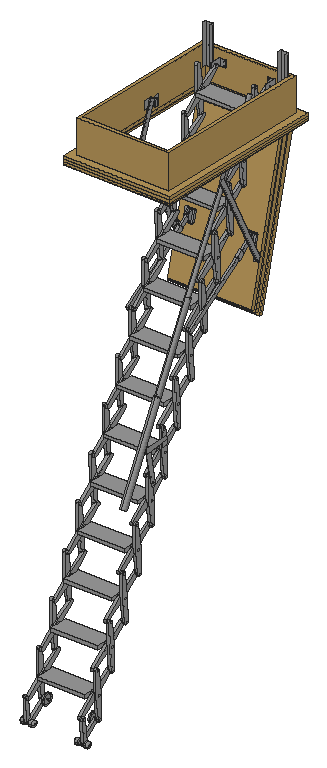
Revit family "schaartrap_Large Ei-60-H 700x1200mm", category Generic Models, Revit 2019 (continued)
Automatic sketch dimensions
  Extrusion 45 sketch curve to Extrusion 45 sketch curve = 17.501 mm
  Extrusion 45 sketch curve to Extrusion 45 sketch curve = 0.915 mm  (x2)
  Extrusion 45 sketch curve to Extrusion 45 sketch curve = 3.097 mm  (x2)
  Extrusion 45 sketch curve to Extrusion 45 sketch curve = 7.597 mm
  Extrusion 45 sketch curve to Extrusion 45 sketch curve = 4.239 mm
  Extrusion 45 sketch curve to Extrusion 45 sketch curve = 0 mm  (x5)
  Extrusion 45 sketch curve to Extrusion 45 sketch curve = 13.985 mm
  Extrusion 28 sketch curve to Extrusion 28 sketch curve = 28.302 mm
  Extrusion 28 sketch curve to Extrusion 28 sketch curve = 19.126 mm
  Extrusion 28 sketch curve to Extrusion 28 sketch curve = 6.633 mm  (x2)
  Extrusion 28 sketch curve to Extrusion 28 sketch curve = 220.759 mm
  Extrusion 28 sketch curve to Extrusion 28 sketch curve = 7.548 mm  (x3)
  Extrusion 28 sketch curve to Extrusion 28 sketch curve = 13.207 mm
  Extrusion 28 sketch curve to Extrusion 28 sketch curve = 7.538 mm
  Extrusion 28 sketch curve to Extrusion 28 sketch curve = 10.201 mm
  Extrusion 28 sketch curve to Extrusion 28 sketch curve = 46.912 mm
  Extrusion 28 sketch curve to Extrusion 28 sketch curve = 18.868 mm  (x2)
  Extrusion 28 sketch curve to Extrusion 28 sketch curve = 4.952 mm  (x2)
  Extrusion 28 sketch curve to Extrusion 28 sketch curve = 10.191 mm
  Extrusion 28 sketch curve to Extrusion 28 sketch curve = 1.745 mm
  Extrusion 28 sketch curve to Extrusion 28 sketch curve = 0 mm  (x5)
  Extrusion 28 sketch curve to Extrusion 28 sketch curve = 4.643 mm
  Extrusion 32 sketch curve to Extrusion 32 sketch curve = 28.302 mm
  Extrusion 32 sketch curve to Extrusion 32 sketch curve = 19.126 mm
  Extrusion 32 sketch curve to Extrusion 32 sketch curve = 6.633 mm  (x2)
  Extrusion 32 sketch curve to Extrusion 32 sketch curve = 220.759 mm
  Extrusion 32 sketch curve to Extrusion 32 sketch curve = 7.548 mm  (x3)
  Extrusion 32 sketch curve to Extrusion 32 sketch curve = 13.207 mm
  Extrusion 32 sketch curve to Extrusion 32 sketch curve = 7.538 mm
  Extrusion 32 sketch curve to Extrusion 32 sketch curve = 10.201 mm
  Extrusion 32 sketch curve to Extrusion 32 sketch curve = 46.912 mm
  Extrusion 32 sketch curve to Extrusion 32 sketch curve = 18.868 mm  (x2)
  Extrusion 32 sketch curve to Extrusion 32 sketch curve = 4.952 mm  (x2)
  Extrusion 32 sketch curve to Extrusion 32 sketch curve = 10.191 mm
  Extrusion 32 sketch curve to Extrusion 32 sketch curve = 1.745 mm
  Extrusion 32 sketch curve to Extrusion 32 sketch curve = 0 mm  (x5)
  Extrusion 32 sketch curve to Extrusion 32 sketch curve = 4.643 mm
  Extrusion 80 sketch curve to Extrusion 80 sketch curve = 1.639 mm
  Extrusion 80 sketch curve to Extrusion 80 sketch curve = 2.829 mm  (x2)
  Extrusion 80 sketch curve to Extrusion 80 sketch curve = 8.863 mm  (x2)
  Extrusion 80 sketch curve to Extrusion 80 sketch curve = 13.994 mm
  Extrusion 80 sketch curve to Extrusion 80 sketch curve = 24.413 mm  (x2)
  Extrusion 80 sketch curve to Extrusion 80 sketch curve = 30.489 mm  (x2)
  Extrusion 80 sketch curve to Extrusion 80 sketch curve = 2.442 mm  (x2)
  Extrusion 80 sketch curve to Extrusion 80 sketch curve = 4.005 mm  (x2)
  Extrusion 80 sketch curve to Extrusion 80 sketch curve = 26.158 mm  (x2)
  Extrusion 81 sketch curve to Extrusion 81 sketch curve = 18.036 mm  (x4)
  Extrusion 81 sketch curve to Extrusion 81 sketch curve = 202.186 mm  (x2)
  Extrusion 81 sketch curve to Extrusion 81 sketch curve = 10.634 mm  (x4)
  Extrusion 81 sketch curve to Extrusion 81 sketch curve = 8.832 mm  (x2)
  Extrusion 81 sketch curve to Extrusion 81 sketch curve = 690.836 mm  (x2)
  Extrusion 81 sketch curve to Extrusion 81 sketch curve = 7.598 mm  (x2)
  Extrusion 84 sketch curve to Extrusion 84 sketch curve = 18.541 mm
  Extrusion 84 sketch curve to Extrusion 84 sketch curve = 27.816 mm
  Extrusion 84 sketch curve to Extrusion 84 sketch curve = 8.56 mm
  Extrusion 84 sketch curve to Extrusion 84 sketch curve = 2.065 mm
  Extrusion 84 sketch curve to Extrusion 84 sketch curve = 4.982 mm
  Extrusion 84 sketch curve to Extrusion 84 sketch curve = 33.995 mm
  Extrusion 84 sketch curve to Extrusion 84 sketch curve = 0.563 mm
  Extrusion 84 sketch curve to Extrusion 84 sketch curve = 3.344 mm
  Extrusion 84 sketch curve to Extrusion 84 sketch curve = 22.506 mm
  Extrusion 85 sketch curve to Extrusion 85 sketch curve = 19.526 mm  (x2)
  Extrusion 85 sketch curve to Extrusion 85 sketch curve = 4.724 mm  (x2)
  Extrusion 85 sketch curve to Extrusion 85 sketch curve = 420.846 mm
  Extrusion 85 sketch curve to Extrusion 85 sketch curve = 17.662 mm
  Extrusion 85 sketch curve to Extrusion 85 sketch curve = 584.326 mm
  Extrusion 85 sketch curve to Extrusion 85 sketch curve = 1.331 mm
  plane 27 "traplijn" to Extrusion 4 sketch curve = 0 mm  (x2)
  Extrusion 4 sketch curve to plane 27 "traplijn" = 0 mm  (x11)
  Extrusion 4 sketch curve to Extrusion 4 sketch curve = 0.221 mm  (x12)
  plane 24 "bk. omtimmering" to Extrusion 4 sketch curve = 28.107 mm
  plane 24 "bk. omtimmering" to Extrusion 4 sketch curve = 52.106 mm
  Extrusion 4 sketch curve to plane 13 = 130.195 mm
  Extrusion 4 sketch curve to Extrusion 4 sketch curve = 136.994 mm  (x9)
  Extrusion 4 sketch curve to Extrusion 4 sketch curve = 123.59 mm  (x2)
  Extrusion 4 sketch curve to plane 1 "Center (Front/Back)" = 212.152 mm
  Extrusion 4 sketch curve to plane 1 "Center (Front/Back)" = 75.158 mm
  Extrusion 4 sketch curve to Extrusion 4 sketch curve = 1.261 mm  (x11)
  Sweep 14 sketch curve to plane 16 = 165.788 mm
  Sweep 14 sketch curve to Sweep 14 sketch curve = 257.672 mm
  Sweep 14 sketch curve to Sweep 14 sketch curve = 643.315 mm
  Sweep 14 sketch curve to profile plane = 0 mm  (x2)
  Sweep 15 sketch curve to plane 16 = 236.094 mm
  Sweep 15 sketch curve to Sweep 15 sketch curve = 227.82 mm
  Sweep 15 sketch curve to Sweep 15 sketch curve = 568.784 mm
  Sweep 15 sketch curve to profile plane = 0 mm  (x2)
  Sweep 16 sketch curve to plane 16 = 298.254 mm
  Sweep 16 sketch curve to Sweep 16 sketch curve = 257.313 mm
  Sweep 16 sketch curve to Sweep 16 sketch curve = 642.419 mm
  Sweep 16 sketch curve to profile plane = 0 mm  (x2)
  Sweep 17 sketch curve to plane 16 = 368.461 mm
  Sweep 17 sketch curve to Sweep 17 sketch curve = 208.22 mm
  Sweep 17 sketch curve to Sweep 17 sketch curve = 519.85 mm
  Sweep 17 sketch curve to profile plane = 0 mm  (x2)
  Extrusion 18 sketch curve to plane 16 = 168.038 mm
  Extrusion 18 sketch curve to Extrusion 18 sketch curve = 19.372 mm  (x2)
  Extrusion 18 sketch curve to Extrusion 18 sketch curve = 9.746 mm  (x2)
  Extrusion 18 sketch curve to Extrusion 18 sketch curve = 43.196 mm
  Extrusion 18 sketch curve to Extrusion 18 sketch curve = 15.803 mm  (x2)
  Extrusion 18 sketch curve to Extrusion 18 sketch curve = 213.535 mm
  Extrusion 19 sketch curve to plane 16 = 171.651 mm
  Extrusion 19 sketch curve to Extrusion 19 sketch curve = 3.617 mm  (x2)
  Extrusion 19 sketch curve to Extrusion 19 sketch curve = 23.983 mm  (x2)
  Extrusion 19 sketch curve to Extrusion 19 sketch curve = 123.59 mm
  Extrusion 19 sketch curve to Extrusion 19 sketch curve = 8.506 mm
  Extrusion 19 sketch curve to Extrusion 19 sketch curve = 11.758 mm  (x2)
  Extrusion 20 sketch curve to plane 16 = 71.983 mm
  Extrusion 20 sketch curve to Extrusion 20 sketch curve = 11.69 mm
  Extrusion 20 sketch curve to Extrusion 20 sketch curve = 18.023 mm
  Extrusion 20 sketch curve to Extrusion 20 sketch curve = 11.758 mm  (x2)
  Extrusion 20 sketch curve to Extrusion 20 sketch curve = 29.781 mm
  Extrusion 20 sketch curve to Extrusion 20 sketch curve = 23.983 mm  (x2)
  Extrusion 20 sketch curve to Extrusion 20 sketch curve = 44.672 mm
  Extrusion 36 sketch curve to plane 19 = 39 mm
  Extrusion 36 sketch curve to Extrusion 36 sketch curve = 60 mm
  Extrusion 36 sketch curve to plane 19 = 4.5 mm
  Extrusion 49 sketch curve to plane 1 "Center (Front/Back)" = 20 mm
  level to Extrusion 49 sketch curve = 20 mm
  Extrusion 50 sketch curve to plane 1 "Center (Front/Back)" = 20 mm
  level to Extrusion 50 sketch curve = 20 mm
  Sweep 51 sketch curve to Sweep 51 sketch curve = 0 mm  (x2)
  Sweep 51 sketch curve to plane 1 "Center (Front/Back)" = 0 mm
  Sweep 51 sketch curve to Sweep 51 sketch curve = 20 mm
  level to Sweep 51 sketch curve = 20 mm
  Sweep 51 sketch curve to profile plane = 0 mm  (x2)
  Sweep 51 sketch curve to profile plane = 7.976 mm
  Sweep 51 sketch curve to Sweep 51 sketch curve = 2.281 mm
  Extrusion 53 sketch curve to plane 22 = 39 mm
  Extrusion 53 sketch curve to Extrusion 53 sketch curve = 60 mm
  Extrusion 53 sketch curve to plane 22 = 4.5 mm
  Sweep 57 sketch curve to Sweep 57 sketch curve = 0 mm  (x2)
  Sweep 57 sketch curve to plane 1 "Center (Front/Back)" = 0 mm
  Sweep 57 sketch curve to Sweep 57 sketch curve = 20 mm
  level to Sweep 57 sketch curve = 20 mm
  profile plane to Sweep 57 sketch curve = 0 mm
  Sweep 57 sketch curve to profile plane = 0 mm
  profile plane to Sweep 57 sketch curve = 7.976 mm
  Sweep 57 sketch curve to Sweep 57 sketch curve = 2.281 mm
  Sweep 58 sketch curve to Sweep 58 sketch curve = 0 mm  (x2)
  Sweep 58 sketch curve to plane 1 "Center (Front/Back)" = 0 mm
  Sweep 58 sketch curve to Sweep 58 sketch curve = 20 mm
  level to Sweep 58 sketch curve = 20 mm
  profile plane to Sweep 58 sketch curve = 0 mm
  Sweep 58 sketch curve to profile plane = 0 mm
  profile plane to Sweep 58 sketch curve = 7.976 mm
  Sweep 58 sketch curve to Sweep 58 sketch curve = 2.281 mm
  Sweep 59 sketch curve to Sweep 59 sketch curve = 0 mm  (x2)
  Sweep 59 sketch curve to plane 1 "Center (Front/Back)" = 0 mm
  Sweep 59 sketch curve to Sweep 59 sketch curve = 20 mm
  level to Sweep 59 sketch curve = 20 mm
  Sweep 59 sketch curve to profile plane = 0 mm  (x2)
  Sweep 59 sketch curve to profile plane = 7.976 mm
  Sweep 59 sketch curve to Sweep 59 sketch curve = 2.281 mm
  Extrusion 60 sketch curve to plane 1 "Center (Front/Back)" = 20 mm
  level to Extrusion 60 sketch curve = 20 mm
  Extrusion 61 sketch curve to plane 1 "Center (Front/Back)" = 20 mm
  level to Extrusion 61 sketch curve = 20 mm
  Sweep 62 sketch curve to plane 11 = 0 mm
  Sweep 62 sketch curve to plane 10 = 0 mm
  Sweep 62 sketch curve to profile plane = 0 mm  (x2)
  Sweep 62 sketch curve to Sweep 62 sketch curve = 24 mm
  Sweep 62 sketch curve to profile plane = 249.999 mm
  Extrusion 63 sketch curve to Extrusion 63 sketch curve = 5 mm
  Extrusion 63 sketch curve to Extrusion 63 sketch curve = 13.998 mm
  Extrusion 63 sketch curve to Extrusion 63 sketch curve = 6.458 mm  (x2)
  Extrusion 63 sketch curve to Extrusion 63 sketch curve = 0 mm  (x12)
  plane 28 "Center L/U" to Extrusion 63 sketch curve = 7.535 mm
  Extrusion 63 sketch curve to plane 28 "Center L/U" = 12.465 mm
  Extrusion 63 sketch curve to Extrusion 63 sketch curve = 20 mm  (x12)
  Extrusion 63 sketch curve to Extrusion 63 sketch curve = 6.002 mm  (x2)
  Extrusion 64 sketch curve to plane 8 = 0 mm
  plane 8 to Extrusion 64 sketch curve = 4 mm
  plane 5 to Extrusion 64 sketch curve = 25 mm
  Extrusion 64 sketch curve to Extrusion 64 sketch curve = 75.409 mm
  Extrusion 64 sketch curve to Extrusion 64 sketch curve = 4 mm
  Extrusion 65 sketch curve to plane 28 "Center L/U" = 91.209 mm
  Extrusion 65 sketch curve to Extrusion 65 sketch curve = 5.05 mm
  Extrusion 66 sketch curve to plane 28 "Center L/U" = 91.209 mm
  Extrusion 66 sketch curve to Extrusion 66 sketch curve = 5.05 mm
  Extrusion 67 sketch curve to plane 6 = 0 mm
  plane 6 to Extrusion 67 sketch curve = 4 mm
  Extrusion 67 sketch curve to plane 4 = 25 mm
  Extrusion 67 sketch curve to Extrusion 67 sketch curve = 4 mm
  Extrusion 68 sketch curve to Extrusion 68 sketch curve = 0 mm  (x8)
  Extrusion 68 sketch curve to plane 19 = 2.5 mm
  Extrusion 68 sketch curve to Extrusion 68 sketch curve = 2 mm
  Extrusion 68 sketch curve to Extrusion 68 sketch curve = 1.001 mm
  plane 9 to Extrusion 68 sketch curve = 32.5 mm
  Extrusion 68 sketch curve to Extrusion 68 sketch curve = 1 mm
  Extrusion 68 sketch curve to Extrusion 68 sketch curve = 26.999 mm
  Extrusion 69 sketch curve to Extrusion 69 sketch curve = 5 mm
  Extrusion 69 sketch curve to Extrusion 69 sketch curve = 13.998 mm
  Extrusion 69 sketch curve to Extrusion 69 sketch curve = 6.458 mm  (x2)
  Extrusion 69 sketch curve to Extrusion 69 sketch curve = 0 mm  (x12)
  plane 28 "Center L/U" to Extrusion 69 sketch curve = 7.535 mm
  Extrusion 69 sketch curve to Extrusion 69 sketch curve = 20 mm  (x12)
  Extrusion 69 sketch curve to plane 28 "Center L/U" = 12.465 mm
  Extrusion 69 sketch curve to Extrusion 69 sketch curve = 6.002 mm  (x2)
  Extrusion 70 sketch curve to Extrusion 70 sketch curve = 0 mm  (x6)
  Extrusion 70 sketch curve to plane 22 = 2.5 mm
  Extrusion 70 sketch curve to Extrusion 70 sketch curve = 2 mm
  Extrusion 70 sketch curve to Extrusion 70 sketch curve = 1.001 mm
  plane 7 to Extrusion 70 sketch curve = 32.5 mm
  Extrusion 70 sketch curve to Extrusion 70 sketch curve = 1 mm
  Extrusion 70 sketch curve to Extrusion 70 sketch curve = 27 mm
  Extrusion 70 sketch curve to Extrusion 70 sketch curve = 26.999 mm
  Extrusion 71 sketch curve to plane 26 = 0 mm
  Extrusion 71 sketch curve to plane 25 = 0 mm
  plane 19 to Extrusion 71 sketch curve = 6.5 mm
  plane 22 to Extrusion 71 sketch curve = 6.5 mm
  Extrusion 72 sketch curve to plane 26 = 0 mm
  Extrusion 72 sketch curve to plane 25 = 0 mm
  plane 18 to Extrusion 72 sketch curve = 6.5 mm
  plane 21 to Extrusion 72 sketch curve = 6.5 mm
  Extrusion 73 sketch curve to plane 26 = 0 mm
  Extrusion 73 sketch curve to plane 25 = 0 mm
  Extrusion 73 sketch curve to plane 11 = 6 mm
  plane 10 to Extrusion 73 sketch curve = 6 mm
  Sweep 74 sketch curve to plane 26 = 0 mm
  Sweep 74 sketch curve to plane 25 = 0 mm
  Sweep 74 sketch curve to profile plane = 0 mm
  profile plane to Sweep 74 sketch curve = 10 mm
  Sweep 74 sketch curve to profile plane = 320 mm
  Sweep 74 sketch curve to Sweep 74 sketch curve = 10 mm
  plane 16 to Extrusion 75 sketch curve = 297.866 mm
  Extrusion 75 sketch curve to Extrusion 75 sketch curve = 26.097 mm
  Extrusion 75 sketch curve to Extrusion 75 sketch curve = 205.252 mm
  Extrusion 75 sketch curve to Extrusion 75 sketch curve = 4.602 mm
  plane 16 to Extrusion 76 sketch curve = 272.617 mm
  Extrusion 76 sketch curve to Extrusion 76 sketch curve = 21.173 mm
  Extrusion 76 sketch curve to Extrusion 76 sketch curve = 200.043 mm
  Extrusion 76 sketch curve to Extrusion 76 sketch curve = 3.733 mm
  plane 16 to Extrusion 77 sketch curve = 246.895 mm
  Extrusion 77 sketch curve to Extrusion 77 sketch curve = 21.666 mm
  Extrusion 77 sketch curve to Extrusion 77 sketch curve = 194.833 mm
  Extrusion 77 sketch curve to Extrusion 77 sketch curve = 3.82 mm
  plane 8 to Extrusion 78 sketch curve = 2.671 mm  (x2)
  Extrusion 78 sketch curve to plane 8 = 7.329 mm
  Extrusion 78 sketch curve to Extrusion 78 sketch curve = 10 mm  (x2)
  Extrusion 78 sketch curve to Extrusion 78 sketch curve = 73.395 mm
  plane 9 to Extrusion 78 sketch curve = 33.671 mm
  plane 6 to Extrusion 79 sketch curve = 2.671 mm  (x2)
  Extrusion 79 sketch curve to plane 6 = 7.329 mm
  Extrusion 79 sketch curve to Extrusion 79 sketch curve = 10 mm  (x2)
  Extrusion 79 sketch curve to Extrusion 79 sketch curve = 73.395 mm
  plane 7 to Extrusion 79 sketch curve = 33.671 mm
  Extrusion 86 sketch curve to plane 28 "Center L/U" = 99.475 mm
  Extrusion 86 sketch curve to Extrusion 86 sketch curve = 80.922 mm
  Extrusion 86 sketch curve to Extrusion 86 sketch curve = 13.25 mm
  Extrusion 87 sketch curve to Extrusion 87 sketch curve = 0 mm  (x6)
  Extrusion 87 sketch curve to plane 24 "bk. omtimmering" = 24.966 mm
  plane 29 to Extrusion 87 sketch curve = 96.701 mm
  Extrusion 87 sketch curve to Extrusion 87 sketch curve = 40.406 mm
  Extrusion 87 sketch curve to Extrusion 87 sketch curve = 54.896 mm
  Extrusion 87 sketch curve to plane 13 = 583.323 mm
  Extrusion 87 sketch curve to Extrusion 87 sketch curve = 33.401 mm
  plane 29 to Extrusion 87 sketch curve = 85.069 mm
  Extrusion 87 sketch curve to Extrusion 87 sketch curve = 7.609 mm
  Extrusion 87 sketch curve to Extrusion 87 sketch curve = 3.25 mm  (x4)
  Extrusion 87 sketch curve to Extrusion 87 sketch curve = 3.985 mm  (x2)
  Extrusion 87 sketch curve to Extrusion 87 sketch curve = 0.349 mm
  plane 29 to Extrusion 88 sketch curve = 102.724 mm
  Extrusion 88 sketch curve to Extrusion 88 sketch curve = 22.683 mm
  Extrusion 88 sketch curve to Extrusion 88 sketch curve = 0.38 mm
  Extrusion 88 sketch curve to Extrusion 88 sketch curve = 184.799 mm
  Extrusion 88 sketch curve to Extrusion 88 sketch curve = 0.01 mm
  Extrusion 88 sketch curve to Extrusion 88 sketch curve = 22.741 mm
  Extrusion 88 sketch curve to Extrusion 88 sketch curve = 3.805 mm
  Extrusion 88 sketch curve to Extrusion 88 sketch curve = 214.587 mm
  Extrusion 88 sketch curve to Extrusion 88 sketch curve = 3.445 mm
  plane 22 to Extrusion 89 sketch curve = 6.5 mm
  plane 22 to Extrusion 89 sketch curve = 2.5 mm  (x2)
  Extrusion 89 sketch curve to plane 22 = 1.5 mm
  Extrusion 89 sketch curve to Extrusion 89 sketch curve = 6 mm
  Extrusion 89 sketch curve to Extrusion 89 sketch curve = 2 mm
  Extrusion 89 sketch curve to Extrusion 89 sketch curve = 1.962 mm  (x2)
  Extrusion 89 sketch curve to Extrusion 89 sketch curve = 30.092 mm
  Extrusion 89 sketch curve to Extrusion 89 sketch curve = 4 mm
  Extrusion 89 sketch curve to Extrusion 89 sketch curve = 11 mm
  Extrusion 89 sketch curve to Extrusion 89 sketch curve = 2.038 mm
  plane 29 to Extrusion 90 sketch curve = 80 mm
  Extrusion 90 sketch curve to Extrusion 90 sketch curve = 6.03 mm  (x2)
  plane 29 to Extrusion 90 sketch curve = 50 mm
  Extrusion 90 sketch curve to Extrusion 90 sketch curve = 62.791 mm
  Extrusion 90 sketch curve to Extrusion 90 sketch curve = 60 mm
  plane 29 to Extrusion 91 sketch curve = 91.689 mm
  Extrusion 91 sketch curve to Extrusion 91 sketch curve = 13 mm
  Extrusion 91 sketch curve to Extrusion 91 sketch curve = 9.213 mm
  Extrusion 91 sketch curve to Extrusion 91 sketch curve = 253.12 mm
  Extrusion 91 sketch curve to Extrusion 91 sketch curve = 8.877 mm
  Extrusion 91 sketch curve to Extrusion 91 sketch curve = 22.306 mm
  Extrusion 91 sketch curve to Extrusion 91 sketch curve = 115.437 mm
  Extrusion 91 sketch curve to Extrusion 91 sketch curve = 5.609 mm
  Extrusion 91 sketch curve to Extrusion 91 sketch curve = 5.967 mm
  plane 29 to Extrusion 92 sketch curve = 42.654 mm
  Extrusion 92 sketch curve to Extrusion 92 sketch curve = 6.416 mm
  Extrusion 92 sketch curve to Extrusion 92 sketch curve = 4.197 mm
  Extrusion 92 sketch curve to Extrusion 92 sketch curve = 28.927 mm
  Extrusion 92 sketch curve to Extrusion 92 sketch curve = 35.586 mm
  Extrusion 92 sketch curve to Extrusion 92 sketch curve = 30.218 mm
  Extrusion 92 sketch curve to Extrusion 92 sketch curve = 4.455 mm
  Extrusion 92 sketch curve to Extrusion 92 sketch curve = 10.529 mm
  Extrusion 92 sketch curve to Extrusion 92 sketch curve = 20.883 mm
  plane 19 to Extrusion 93 sketch curve = 6.5 mm
  plane 19 to Extrusion 93 sketch curve = 2.5 mm  (x2)
  Extrusion 93 sketch curve to plane 19 = 1.5 mm
  Extrusion 93 sketch curve to Extrusion 93 sketch curve = 6 mm
  Extrusion 93 sketch curve to Extrusion 93 sketch curve = 2 mm
  Extrusion 93 sketch curve to Extrusion 93 sketch curve = 1.962 mm  (x2)
  Extrusion 93 sketch curve to Extrusion 93 sketch curve = 2.038 mm  (x2)
  Extrusion 93 sketch curve to Extrusion 93 sketch curve = 11 mm
  Extrusion 93 sketch curve to Extrusion 93 sketch curve = 30.092 mm
  plane 29 to Extrusion 94 sketch curve = 80 mm
  Extrusion 94 sketch curve to Extrusion 94 sketch curve = 6.03 mm  (x2)
  plane 29 to Extrusion 94 sketch curve = 50 mm
  Extrusion 94 sketch curve to Extrusion 94 sketch curve = 62.791 mm
  Extrusion 94 sketch curve to Extrusion 94 sketch curve = 60 mm
  plane 29 to Extrusion 95 sketch curve = 42.654 mm
  Extrusion 95 sketch curve to Extrusion 95 sketch curve = 6.416 mm
  Extrusion 95 sketch curve to Extrusion 95 sketch curve = 4.197 mm
  Extrusion 95 sketch curve to Extrusion 95 sketch curve = 28.927 mm
  Extrusion 95 sketch curve to Extrusion 95 sketch curve = 35.586 mm
  Extrusion 95 sketch curve to Extrusion 95 sketch curve = 30.218 mm
  Extrusion 95 sketch curve to Extrusion 95 sketch curve = 31.922 mm
  Extrusion 95 sketch curve to Extrusion 95 sketch curve = 20.883 mm
  Extrusion 95 sketch curve to Extrusion 95 sketch curve = 7.153 mm
  Extrusion 96 sketch curve to Extrusion 96 sketch curve = 0 mm  (x3)
  plane 27 "traplijn" to Extrusion 96 sketch curve = 113.464 mm
  Extrusion 96 sketch curve to Extrusion 96 sketch curve = 76.293 mm
  Extrusion 96 sketch curve to Extrusion 96 sketch curve = 3.75 mm  (x4)
  Extrusion 96 sketch curve to Extrusion 96 sketch curve = 6.96 mm
  Extrusion 96 sketch curve to Extrusion 96 sketch curve = 142.133 mm
  Extrusion 96 sketch curve to Extrusion 96 sketch curve = 17.338 mm
  Extrusion 96 sketch curve to Extrusion 96 sketch curve = 190.6 mm
  Extrusion 96 sketch curve to Extrusion 96 sketch curve = 430.908 mm
  Extrusion 96 sketch curve to Extrusion 96 sketch curve = 0.653 mm
  Extrusion 96 sketch curve to Extrusion 96 sketch curve = 213.577 mm
  Extrusion 96 sketch curve to Extrusion 96 sketch curve = 1.392 mm  (x2)
  Extrusion 96 sketch curve to Extrusion 96 sketch curve = 18.75 mm
  Extrusion 96 sketch curve to Extrusion 96 sketch curve = 72.969 mm
  Extrusion 96 sketch curve to Extrusion 96 sketch curve = 977.563 mm
  Extrusion 96 sketch curve to Extrusion 96 sketch curve = 595.435 mm
  Extrusion 96 sketch curve to Extrusion 96 sketch curve = 3.893 mm  (x2)
  Extrusion 96 sketch curve to Extrusion 96 sketch curve = 0.92 mm
  Extrusion 97 sketch curve to plane 16 = 182.13 mm
  Extrusion 97 sketch curve to Extrusion 97 sketch curve = 11.155 mm
  Extrusion 97 sketch curve to Extrusion 97 sketch curve = 22.709 mm
  Extrusion 97 sketch curve to Extrusion 97 sketch curve = 13.423 mm
  Extrusion 97 sketch curve to Extrusion 97 sketch curve = 24.003 mm
  Extrusion 97 sketch curve to Extrusion 97 sketch curve = 14.472 mm
  Sweep 21 sketch curve to plane 23 = 165.788 mm
  Sweep 21 sketch curve to Sweep 21 sketch curve = 257.672 mm
  Sweep 21 sketch curve to Sweep 21 sketch curve = 643.315 mm
  Sweep 21 sketch curve to profile plane = 0 mm  (x2)
  Sweep 22 sketch curve to plane 23 = 236.094 mm
  Sweep 22 sketch curve to Sweep 22 sketch curve = 227.82 mm
  Sweep 22 sketch curve to Sweep 22 sketch curve = 568.784 mm
  Sweep 22 sketch curve to profile plane = 0 mm  (x2)
  Sweep 23 sketch curve to plane 23 = 298.254 mm
  Sweep 23 sketch curve to Sweep 23 sketch curve = 257.313 mm
  Sweep 23 sketch curve to Sweep 23 sketch curve = 642.419 mm
  Sweep 23 sketch curve to profile plane = 0 mm  (x2)
  Sweep 24 sketch curve to plane 23 = 368.461 mm
  Sweep 24 sketch curve to Sweep 24 sketch curve = 208.22 mm
  Sweep 24 sketch curve to Sweep 24 sketch curve = 519.85 mm
  Sweep 24 sketch curve to profile plane = 0 mm  (x2)
  Extrusion 25 sketch curve to plane 23 = 168.038 mm
  Extrusion 25 sketch curve to Extrusion 25 sketch curve = 19.372 mm  (x2)
  Extrusion 25 sketch curve to Extrusion 25 sketch curve = 9.746 mm  (x2)
  Extrusion 25 sketch curve to Extrusion 25 sketch curve = 43.196 mm
  Extrusion 25 sketch curve to Extrusion 25 sketch curve = 15.803 mm  (x2)
  Extrusion 25 sketch curve to Extrusion 25 sketch curve = 213.535 mm
  Extrusion 26 sketch curve to plane 23 = 171.651 mm
  Extrusion 26 sketch curve to Extrusion 26 sketch curve = 3.617 mm  (x2)
  Extrusion 26 sketch curve to Extrusion 26 sketch curve = 23.983 mm  (x2)
  Extrusion 26 sketch curve to Extrusion 26 sketch curve = 123.59 mm
  Extrusion 26 sketch curve to Extrusion 26 sketch curve = 8.506 mm
  Extrusion 26 sketch curve to Extrusion 26 sketch curve = 11.758 mm  (x2)
  Extrusion 27 sketch curve to plane 23 = 71.983 mm
  Extrusion 27 sketch curve to Extrusion 27 sketch curve = 11.69 mm
  Extrusion 27 sketch curve to Extrusion 27 sketch curve = 18.023 mm
  Extrusion 27 sketch curve to Extrusion 27 sketch curve = 11.758 mm  (x2)
  Extrusion 27 sketch curve to Extrusion 27 sketch curve = 29.781 mm
  Extrusion 27 sketch curve to Extrusion 27 sketch curve = 23.983 mm  (x2)
  Extrusion 27 sketch curve to Extrusion 27 sketch curve = 44.672 mm
  plane 5 to Extrusion 99 sketch curve = 17.7 mm  (x2)
  Extrusion 99 sketch curve to plane 4 = 17.7 mm  (x2)
  Extrusion 99 sketch curve to plane 28 "Center L/U" = 102.257 mm  (x2)
  Extrusion 99 sketch curve to Extrusion 99 sketch curve = 28 mm  (x2)
  Extrusion 67 sketch curve to Extrusion 67 sketch curve = 75.409 mm
  Extrusion 4 sketch curve to plane 13 = 106.196 mm
  level to Extrusion 4 sketch curve = 3300.845 mm
  plane 29 to Extrusion 4 sketch curve = 72.885 mm
  Extrusion 76 sketch curve to plane 27 "traplijn" = 456.003 mm
  Extrusion 77 sketch curve to plane 27 "traplijn" = 431.651 mm
  plane 27 "traplijn" to Extrusion 86 sketch curve = 260.362 mm
  Extrusion 87 sketch curve to Extrusion 87 sketch curve = 42.115 mm
  plane 27 "traplijn" to Extrusion 88 sketch curve = 257.101 mm
  plane 27 "traplijn" to Extrusion 91 sketch curve = 227.134 mm
  plane 27 "traplijn" to Extrusion 92 sketch curve = 197.312 mm
  plane 27 "traplijn" to Extrusion 95 sketch curve = 197.312 mm
  Extrusion 4 sketch curve to plane 13 = 400.974 mm
  Sweep 62 sketch curve to plane 31 = 0 mm
  Extrusion 63 sketch curve to plane 31 = 62.998 mm
  Extrusion 64 sketch curve to plane 31 = 103.409 mm
  Extrusion 65 sketch curve to Extrusion 65 sketch curve = 0 mm
  Extrusion 65 sketch curve to plane 31 = 76.004 mm
  Extrusion 66 sketch curve to Extrusion 66 sketch curve = 0 mm
  Extrusion 66 sketch curve to plane 31 = 76.004 mm
  Extrusion 67 sketch curve to plane 31 = 24 mm
  Extrusion 68 sketch curve to plane 31 = 56 mm
  Extrusion 69 sketch curve to plane 31 = 62.998 mm
  Extrusion 70 sketch curve to plane 31 = 26 mm
  Extrusion 71 sketch curve to plane 31 = 24 mm
  plane 31 to Extrusion 71 sketch curve = 46 mm
  Extrusion 72 sketch curve to plane 31 = 9 mm
  plane 31 to Extrusion 72 sketch curve = 46 mm
  plane 31 to Extrusion 73 sketch curve = 6 mm
  plane 31 to Extrusion 73 sketch curve = 46 mm
  plane 31 to Sweep 74 sketch curve = 46 mm
  Extrusion 75 sketch curve to plane 31 = 337.201 mm
  Extrusion 87 sketch curve to plane 31 = 327.373 mm
  Extrusion 4 sketch curve to Extrusion 4 sketch curve = 13.404 mm  (x2)
  plane 30 to Extrusion 4 sketch curve = 181.782 mm
  plane 30 to Extrusion 4 sketch curve = 58.192 mm
  level to Extrusion 4 sketch curve = 1397.828 mm
  plane 30 to Extrusion 4 sketch curve = 44.788 mm
  Sweep 62 sketch curve to plane 30 = 0 mm
  plane 30 to Extrusion 71 sketch curve = 24 mm
  Extrusion 87 sketch curve to plane 31 = 484.603 mm
  Extrusion 90 sketch curve to plane 31 = 522.319 mm
  Extrusion 94 sketch curve to plane 31 = 522.319 mm
  Extrusion 4 sketch curve to plane 30 = 65.398 mm
  level to Extrusion 4 sketch curve = 1125.788 mm
  Extrusion 4 sketch curve to plane 30 = 188.988 mm
  Extrusion 71 sketch curve to plane 30 = 54 mm
  plane 30 to Extrusion 72 sketch curve = 9 mm
  Extrusion 72 sketch curve to plane 30 = 54 mm
  Extrusion 73 sketch curve to plane 30 = 6 mm
  Extrusion 73 sketch curve to plane 30 = 54 mm
  Sweep 74 sketch curve to plane 30 = 54 mm
  Extrusion 96 sketch curve to plane 30 = 48.304 mm
  Extrusion 82 sketch curve to Extrusion 82 sketch curve = 10.419 mm
  Extrusion 82 sketch curve to Extrusion 82 sketch curve = 24.413 mm
  Extrusion 82 sketch curve to Extrusion 82 sketch curve = 8.863 mm
  Extrusion 82 sketch curve to Extrusion 82 sketch curve = 2.829 mm
  Extrusion 82 sketch curve to Extrusion 82 sketch curve = 4.468 mm
  Extrusion 82 sketch curve to Extrusion 82 sketch curve = 30.489 mm
  Extrusion 82 sketch curve to Extrusion 82 sketch curve = 2.442 mm
  Extrusion 82 sketch curve to Extrusion 82 sketch curve = 4.005 mm
  Extrusion 82 sketch curve to Extrusion 82 sketch curve = 26.158 mm
  Extrusion 83 sketch curve to Extrusion 83 sketch curve = 18.036 mm  (x2)
  Extrusion 83 sketch curve to Extrusion 83 sketch curve = 10.634 mm  (x2)
  Extrusion 83 sketch curve to Extrusion 83 sketch curve = 202.186 mm
  Extrusion 83 sketch curve to Extrusion 83 sketch curve = 8.832 mm
  Extrusion 83 sketch curve to Extrusion 83 sketch curve = 690.836 mm
  Extrusion 83 sketch curve to Extrusion 83 sketch curve = 7.598 mm
  Extrusion 80 sketch curve to Extrusion 80 sketch curve = 10.419 mm
  Extrusion 80 sketch curve to Extrusion 80 sketch curve = 4.468 mm
  curve 1 to plane 11 = 0 mm
  curve 4 to plane 31 = 0 mm
  curve 13 to plane 3 "Center (Left/Right)" = 0 mm
  curve 10 to plane 3 "Center (Left/Right)" = 0 mm
  curve 12 to plane 3 "Center (Left/Right)" = 0 mm
  curve 2 to plane 10 = 0 mm
  curve 3 to plane 30 = 0 mm
  curve 13 to curve 7 = 25.981 mm
  plane 3 "Center (Left/Right)" to curve 10 = 25.981 mm
  curve 13 to plane 31 = 45 mm
  plane 5 to curve 17 = 6.5 mm
  curve 6 to plane 4 = 6.5 mm
  curve 7 to plane 30 = 62.721 mm
  curve 5 to plane 30 = 65.619 mm
  curve 4 to plane 30 = 65.619 mm
  plane 30 to curve 14 = 44.567 mm
  curve 14 to curve 6 = 123.59 mm
  curve 6 to curve 15 = 123.59 mm
  curve 15 to curve 16 = 123.59 mm
  curve 16 to curve 17 = 123.59 mm
  curve 17 to curve 18 = 123.59 mm
  curve 18 to curve 19 = 123.59 mm
  curve 19 to curve 20 = 123.59 mm
  curve 23 to plane 3 "Center (Left/Right)" = 0 mm
  curve 24 to plane 3 "Center (Left/Right)" = 0 mm
  curve 22 to curve 24 = 117.973 mm
  plane 3 "Center (Left/Right)" to curve 22 = 34.056 mm
  curve 24 to plane 3 "Center (Left/Right)" = 34.056 mm
  curve 8 to curve 22 = 4255.24 mm
  radius of Extrusion 41 sketch curve = 5 mm
  radius of Extrusion 41 sketch curve = 5.05 mm  (x38)
  radius of Extrusion 41 sketch curve = 5.25 mm
  radius of Extrusion 3 sketch curve = 5 mm
  radius of Extrusion 3 sketch curve = 5.05 mm  (x38)
  radius of Extrusion 3 sketch curve = 5.25 mm
  radius of Extrusion 10 sketch curve = 5 mm
  radius of Extrusion 10 sketch curve = 5.05 mm  (x38)
  radius of Extrusion 10 sketch curve = 5.25 mm
  radius of Extrusion 56 sketch curve = 5.05 mm
  radius of Extrusion 52 sketch curve = 21 mm  (x13)
  radius of Extrusion 55 sketch curve = 5.05 mm
  radius of Extrusion 38 sketch curve = 21 mm  (x13)
  radius of Extrusion 54 sketch curve = 5.05 mm
  radius of Extrusion 37 sketch curve = 21 mm  (x13)
  radius of Extrusion 47 sketch curve = 4 mm
  radius of Extrusion 30 sketch curve = 4 mm
  radius of Extrusion 34 sketch curve = 4 mm
  radius of Extrusion 45 sketch curve = 5.25 mm  (x2)
  radius of Extrusion 28 sketch curve = 5.25 mm  (x2)
  radius of Extrusion 32 sketch curve = 5.25 mm  (x2)
  radius of Extrusion 80 sketch curve = 4 mm  (x2)
  radius of Extrusion 84 sketch curve = 4 mm
  radius of Sweep 14 sketch curve = 20 mm
  radius of Sweep 15 sketch curve = 17.5 mm
  radius of Sweep 16 sketch curve = 15 mm
  radius of Sweep 17 sketch curve = 12.5 mm
  radius of Extrusion 49 sketch curve = 20 mm
  radius of Extrusion 50 sketch curve = 20 mm
  radius of Extrusion 60 sketch curve = 20 mm
  radius of Extrusion 61 sketch curve = 20 mm
  radius of Extrusion 63 sketch curve = 5.25 mm  (x14)
  radius of Extrusion 69 sketch curve = 5.25 mm  (x14)
  radius of Extrusion 86 sketch curve = 3.25 mm  (x2)
  radius of Extrusion 87 sketch curve = 4 mm
  radius of Extrusion 96 sketch curve = 4 mm  (x4)
  radius of Sweep 21 sketch curve = 20 mm
  radius of Sweep 22 sketch curve = 17.5 mm
  radius of Sweep 23 sketch curve = 15 mm
  radius of Sweep 24 sketch curve = 12.5 mm
  radius of Extrusion 99 sketch curve = 3 mm  (x4)
  radius of Extrusion 82 sketch curve = 4 mm
